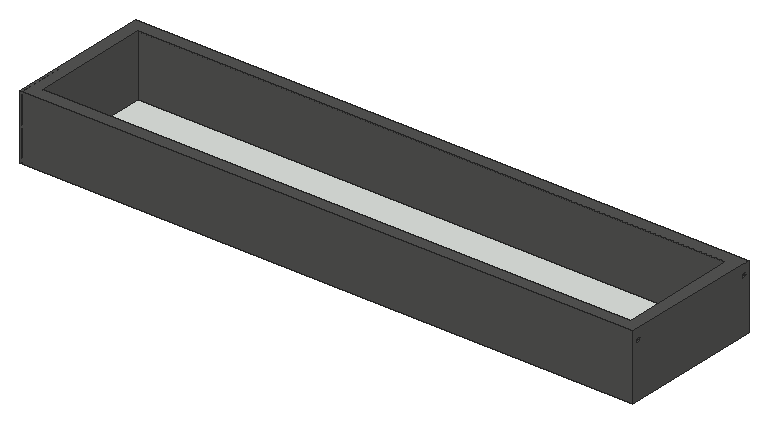
Revit family "Furniture-Mirror_Shelf-KOHLER-URBANITY-K-99916T", category Specialty Equipment, host Face, Revit 2021
Family settings
  Host = Face
  Round Connector Dimension = Use Diameter
  Part Type = Normal
  OmniClass Number = 23.31.25.00
  OmniClass Title = Toilet and Bath Specialties
  Cut with Voids When Loaded = No
  Shared = No
  Room Calculation Point = No
Parameters (values of type "NA-Black")
  Width = 35.43307"  # constant formula
  WaterSense Certified = 1 = 0  # no
  URL = "http://www.kohler.com.cn/"
  Type = 1
  Product Page URL = ""
  Product Name = "URBANITY"  # constant formula
  Product Documentation Link = ""
  Model = if(Type = 1, "K-99916T-NA", if(Type = 2, "K-99916T-LK", "NA"))  # "K-99916T-NA"
  Material = "Aluminium"  # constant formula
  Master Format 2014 Name = "Toilet, Bath, and Laundry Accessories"  # constant formula
  Master Format 2014 = "10 28 00"  # constant formula
  Manufacturer Address = "Kohler Beijing Office (100016) 36-2-03-B, No. 88, Liuxiang Road, Beijing"  # constant formula
  Manufacturer = "Kohler Co."  # constant formula
  Length = 3 189/256"  # constant formula
  Height = 8 89/256"  # constant formula
  Finish = Kohler-Metal-NA-Black
  Environmental Product Declaration = ""
  Description = "STARS ARE OPEN CABINETS"  # constant formula
  Default Elevation = 60"
  Declare Label = ""
  Date Modified = "01/28/2023"  # constant formula
  Date Created = "01/28/2023"  # constant formula
  Copyright = "Copyright Kohler Co."  # constant formula
  Contact Us = "http://www.kohler.com.cn/contact/contact-us/"
  Assembly Code = "C1030200"
  ADA Compliant = 1 = 0  # no
Types (3): name | Type | Product Page URL | Product Documentation Link | Model | Finish
  (no name) | 1 | "" | "" | "K-99916T-NA" | Kohler-Metal-NA-Black
  NA-Black | 1 | "" | "" | "K-99916T-NA" | Kohler-Metal-NA-Black
  LK-Black | 2 | "https://www.kohler.com.cn/product/K-99916T-LK/K-99916T-LK/" | "https://files.kohler.com.cn/pdfs/1495680718630_99917T-LK.pdf" | "K-99916T-LK" | KOHLER-Metal-LK-Black
Reference planes (in)
  plane 1 "Center (Front/Back)": y = 0
  plane 2: z = 0
  plane 3 "Center (Left/Right)": x = 0
  plane 4: y = 4.17323
  plane 5: x = -17.71654
  plane 6: y = 3.46457
  plane 7: x = -17.00787
  plane 8: y = -4.17443
  plane 9: y = -3.46457
  plane 10: x = 17.71654
  plane 11: x = 17.00787
  plane 12: y = -3.8189
  plane 13: z = 3.11024
  plane 14: y = 3.8189
  plane 15: z = 3.73828
Dimensions and locks (in)
  "Width": plane 5 to plane 10
  plane 5 to plane 7 = 0.70866"
  "Height": plane 8 to plane 4
  "Length": plane 15 to level
  aligned and locked: plane 2 to host face
  aligned and locked: level to host face
  aligned and locked: plane 3 "Center (Left/Right)" to nested 1
  aligned and locked: plane 1 "Center (Front/Back)" to nested 1
Automatic sketch dimensions
  host sketch curve to host sketch curve = 96"  (x2)
Nested families (in)
  nested 1: "K-99916T" at (0, 0, 0), type "K-99916T"
Definition of nested family "K-99916T"
  Parameters
    Material = none
    Default Elevation = 0"
  Reference planes (in)
    plane 1 "Center (Front/Back)": y = 0
    plane 2: z = 0
    plane 3 "Center (Left/Right)": x = 0
    plane 4: x = -17.71654
    plane 5: x = 17.71654
    plane 6: y = -4.17323
    plane 7: y = 4.17323
    plane 8: z = 3.74016
    plane 9: x = -17.00787
    plane 10: y = 3.46457
    plane 11: y = -3.46457
    plane 12: x = 17.00787
    plane 13 "aa": z = 3.11024
    plane 14: y = -3.8189
    plane 15: y = 3.8189
  Forms (in)
    Sweep 1, solid, material <- "Material", detail levels medium+fine
      path origin (0, 0, 0) x (1, 0, 0) y (0, 1, 0)
        loop
          line (-17.71654, 4.17323) -> (-17.71654, -4.17323) -> (17.71654, -4.17323) -> (17.71654, 4.17323) -> (-17.71654, 4.17323)
      profile origin (-17.71654, 0, 0) x (1, 0, 0) y (0, 0, 1)
        loop
          line (0, 3.74016) -> (0, 0) -> (0.05906, 0) -> (0.05906, 0.19685) -> (0.70866, 0.19685) -> (0.70866, 3.74016) -> (0, 3.74016)
        loop
          line (0.05906, 3.6811) -> (0.05906, 1.99213) -> (0.64961, 1.99213) -> (0.64961, 3.6811) -> (0.05906, 3.6811)
        loop
          line (0.64961, 1.94488) -> (0.05906, 1.94488) -> (0.05906, 0.25591) -> (0.64961, 0.25591) -> (0.64961, 1.94488)
    Extrusion 2, solid
      sketch origin (-17.00787, 3.46457, 0.25591) x (0, -1, 0) y (1, 0, 0)
        loop
          line (-0.23622, -0.27559) -> (7.20472, -0.27559) -> (7.20472, 34.25197) -> (-0.23622, 34.25197) -> (-0.23622, -0.27559)
      from -0.17717 to -0.05906
    Revolve 3, void
      sketch origin (0, 0, 3.11024) x (1, 0, 0) y (0, 1, 0)
        loop
          line (-17.66929, -3.74016) -> (-17.74774, -3.64209) -> (-17.74774, -3.8189) -> (-17.59288, -3.8189) -> (-17.59288, -3.74016) -> (-17.66929, -3.74016)
        axis (-17.59288, -3.8189) -> (-17.74774, -3.8189)
      angle from 0 to 360
    Revolve 4, void
      sketch origin (0, 0, 3.11024) x (-1, 0, 0) y (0, -1, 0)
        loop
          line (17.66929, -3.74016) -> (17.59288, -3.74016) -> (17.59288, -3.8189) -> (17.74774, -3.8189) -> (17.74774, -3.64209) -> (17.66929, -3.74016)
        axis (17.59288, -3.8189) -> (17.74774, -3.8189)
      angle from 0 to 360
    Revolve 5, void
      sketch origin (0, 0, 3.11024) x (1, 0, 0) y (0, 1, 0)
        loop
          line (17.66929, -3.74016) -> (17.59288, -3.74016) -> (17.59288, -3.8189) -> (17.74774, -3.8189) -> (17.74774, -3.64209) -> (17.66929, -3.74016)
        axis (17.59288, -3.8189) -> (17.74774, -3.8189)
      angle from 0 to 360
    Revolve 6, void
      sketch origin (0, 0, 3.11024) x (-1, 0, 0) y (0, -1, 0)
        loop
          line (-17.66929, -3.74016) -> (-17.74774, -3.64209) -> (-17.74774, -3.8189) -> (-17.59288, -3.8189) -> (-17.59288, -3.74016) -> (-17.66929, -3.74016)
        axis (-17.59288, -3.8189) -> (-17.74774, -3.8189)
      angle from 0 to 360
    Sweep 7, solid, material <- "Material", detail levels coarse
      path origin (0, 0, 0) x (1, 0, 0) y (0, 1, 0)
        loop
          line (-17.71654, 4.17323) -> (-17.71654, -4.17323) -> (17.71654, -4.17323) -> (17.71654, 4.17323) -> (-17.71654, 4.17323)
      profile origin (-17.71654, 0, 0) x (1, 0, 0) y (0, 0, 1)
        loop
          line (0.70866, 3.74016) -> (0, 3.74016) -> (0, 0) -> (0.43307, 0) -> (0.43307, 0.19685) -> (0.70866, 0.19685) -> (0.70866, 3.74016)
  Cuts and joins
    Revolve 3, Revolve 4, Revolve 5, Revolve 6 cuts Sweep 1
  Lines and regions (in)
    Masking region 1
      outline origin (0, 0, 3.11024) x (1, 0, 0) y (0, 1, 0)
        loop
          line (17.71654, 4.17323) -> (-17.71654, 4.17323) -> (-17.71654, -4.17323) -> (17.71654, -4.17323) -> (17.71654, 4.17323)
    Masking region 2
      outline origin (0, 0, 0) x (1, 0, 0) y (0, 0, 1)
        loop
          line (-17.71654, 3.74016) -> (-17.71654, 0) -> (17.71654, 0) -> (17.71654, 3.74016) -> (-17.71654, 3.74016)
    Masking region 3
      outline origin (0, 0, 0) x (0, 1, 0) y (0, 0, 1)
        loop
          line (4.17323, 3.74016) -> (-4.17323, 3.74016) -> (-4.17323, 0) -> (4.17323, 0) -> (4.17323, 3.74016)
    symbolic lines, detail levels medium+fine
      curve 1: line (-17.00787, 3.46457, 3.11024) -> (17.00787, 3.46457, 3.11024)
      curve 2: line (17.00787, 3.46457, 3.11024) -> (17.00787, -3.46457, 3.11024)
      curve 3: line (17.00787, -3.46457, 3.11024) -> (-17.00787, -3.46457, 3.11024)
      curve 4: line (-17.00787, -3.46457, 3.11024) -> (-17.00787, 3.46457, 3.11024)
      curve 5: line (-17.71654, 4.17323, 3.11024) -> (-17.00787, 3.46457, 3.11024)
      curve 6: line (-17.00787, -3.46457, 3.11024) -> (-17.71654, -4.17323, 3.11024)
      curve 7: line (17.00787, 3.46457, 3.11024) -> (17.71654, 4.17323, 3.11024)
      curve 8: line (17.00787, -3.46457, 3.11024) -> (17.71654, -4.17323, 3.11024)
      curve 9: circle (0, -3.8189, 3.11024) r 0.1378 normal (-1, 0, 0)
      curve 10: circle (0, -3.8189, 3.11024) r 0.07874 normal (-1, 0, 0)
      curve 11: circle (0, 3.8189, 3.11024) r 0.1378 normal (1, 0, 0)
      curve 12: circle (0, 3.8189, 3.11024) r 0.07874 normal (1, 0, 0)
  Dimensions and locks (in)
    plane 4 to plane 5 = 35.43307"
    plane 6 to plane 7 = 8.34646"
    plane 4 to plane 9 = 0.70866"
    level to plane 8 = 3.74016"
    aligned and locked: plane 2 to level
